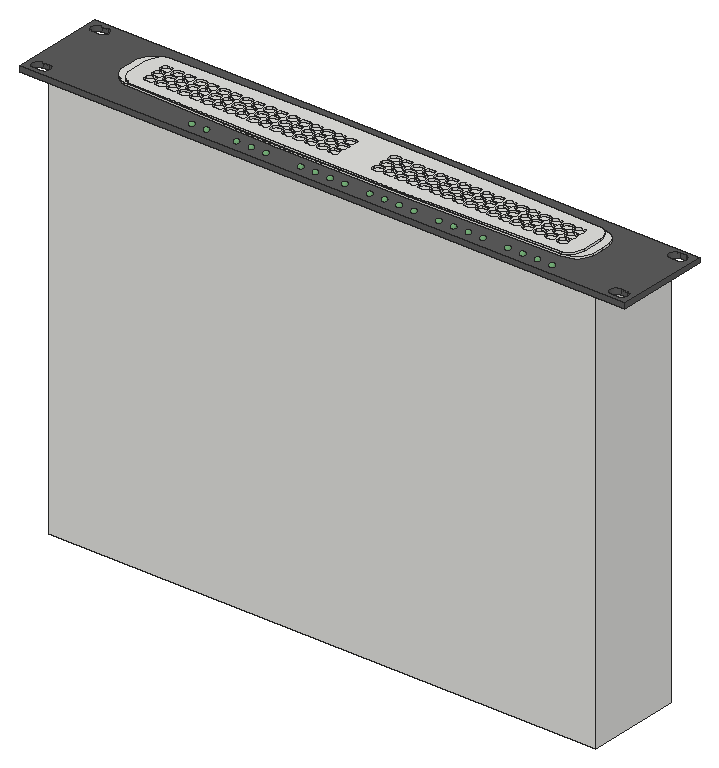
Revit family "Electronics_Amplifiers_Biamp_Vocia_VA-4030e___", category Communication Devices, host Face, Revit 2020 (continued)
Definition of nested family "VA-2060"
  Forms (in)
    Extrusion 4, solid, material <- "Housing Material", detail levels medium+fine
      sketch origin (0, 0, 0) x (1, 0, 0) y (0, 0, 1)
        loop
          line (3.92922, 1.67994) -> (4.00792, 1.67994)
          arc (4.00792, 1.67994) -> (4.10669, 1.72086) -> (4.1476, 1.81963) r 0.13968
          line (4.1476, 1.81963) -> (4.1476, 1.86061)
          arc (4.1476, 1.86061) -> (4.10851, 1.955) -> (4.01412, 1.99409) r 0.13348
          line (4.01412, 1.99409) -> (3.92301, 1.99409)
          arc (3.92301, 1.99409) -> (3.82863, 1.955) -> (3.78953, 1.86061) r 0.13348
        loop
          line (4.18953, 1.86061) -> (4.18953, 1.81963)
          arc (4.18953, 1.81963) -> (4.23044, 1.72086) -> (4.32922, 1.67994) r 0.13968
          line (4.32922, 1.67994) -> (4.40792, 1.67994)
          arc (4.40792, 1.67994) -> (4.50669, 1.72086) -> (4.5476, 1.81963) r 0.13968
          line (4.5476, 1.81963) -> (4.5476, 1.86061)
          arc (4.5476, 1.86061) -> (4.50851, 1.955) -> (4.41412, 1.99409) r 0.13348
          line (4.41412, 1.99409) -> (4.32301, 1.99409)
          arc (4.32301, 1.99409) -> (4.22863, 1.955) -> (4.18953, 1.86061) r 0.13348
        loop
          line (4.58953, 1.86061) -> (4.58953, 1.81963)
          arc (4.58953, 1.81963) -> (4.63044, 1.72086) -> (4.72922, 1.67994) r 0.13968
          line (4.72922, 1.67994) -> (4.80792, 1.67994)
          arc (4.80792, 1.67994) -> (4.90669, 1.72086) -> (4.9476, 1.81963) r 0.13968
          line (4.9476, 1.81963) -> (4.9476, 1.86061)
          arc (4.9476, 1.86061) -> (4.90851, 1.955) -> (4.81412, 1.99409) r 0.13348
          line (4.81412, 1.99409) -> (4.72301, 1.99409)
          arc (4.72301, 1.99409) -> (4.62863, 1.955) -> (4.58953, 1.86061) r 0.13348
        loop
          line (4.98953, 1.86061) -> (4.98953, 1.81963)
          arc (4.98953, 1.81963) -> (5.03044, 1.72086) -> (5.12922, 1.67994) r 0.13968
          line (5.12922, 1.67994) -> (5.20792, 1.67994)
          arc (5.20792, 1.67994) -> (5.30669, 1.72086) -> (5.3476, 1.81963) r 0.13968
          line (5.3476, 1.81963) -> (5.3476, 1.86061)
          arc (5.3476, 1.86061) -> (5.30851, 1.955) -> (5.21412, 1.99409) r 0.13348
          line (5.21412, 1.99409) -> (5.12301, 1.99409)
          arc (5.12301, 1.99409) -> (5.02863, 1.955) -> (4.98953, 1.86061) r 0.13348
        loop
          line (5.38953, 1.86061) -> (5.38953, 1.81963)
          arc (5.38953, 1.81963) -> (5.43044, 1.72086) -> (5.52922, 1.67994) r 0.13968
          line (5.52922, 1.67994) -> (5.60792, 1.67994)
          arc (5.60792, 1.67994) -> (5.70669, 1.72086) -> (5.7476, 1.81963) r 0.13968
          line (5.7476, 1.81963) -> (5.7476, 1.86061)
          arc (5.7476, 1.86061) -> (5.70851, 1.955) -> (5.61412, 1.99409) r 0.13348
          line (5.61412, 1.99409) -> (5.52301, 1.99409)
          arc (5.52301, 1.99409) -> (5.42863, 1.955) -> (5.38953, 1.86061) r 0.13348
        loop
          line (5.78953, 1.86061) -> (5.78953, 1.81963)
          arc (5.78953, 1.81963) -> (5.83044, 1.72086) -> (5.92922, 1.67994) r 0.13968
          line (5.92922, 1.67994) -> (6.00792, 1.67994)
          arc (6.00792, 1.67994) -> (6.10669, 1.72086) -> (6.1476, 1.81963) r 0.13968
          line (6.1476, 1.81963) -> (6.1476, 1.86061)
          arc (6.1476, 1.86061) -> (6.10851, 1.955) -> (6.01412, 1.99409) r 0.13348
          line (6.01412, 1.99409) -> (5.92301, 1.99409)
          arc (5.92301, 1.99409) -> (5.82863, 1.955) -> (5.78953, 1.86061) r 0.13348
        loop
          line (6.18953, 1.86061) -> (6.18953, 1.81963)
          arc (6.18953, 1.81963) -> (6.23044, 1.72086) -> (6.32922, 1.67994) r 0.13968
          line (6.32922, 1.67994) -> (6.40792, 1.67994)
          arc (6.40792, 1.67994) -> (6.50669, 1.72086) -> (6.5476, 1.81963) r 0.13968
          line (6.5476, 1.81963) -> (6.5476, 1.86061)
          arc (6.5476, 1.86061) -> (6.50851, 1.955) -> (6.41412, 1.99409) r 0.13348
          line (6.41412, 1.99409) -> (6.32301, 1.99409)
          arc (6.32301, 1.99409) -> (6.22863, 1.955) -> (6.18953, 1.86061) r 0.13348
        loop
          line (6.58953, 1.86061) -> (6.58953, 1.81963)
          arc (6.58953, 1.81963) -> (6.63044, 1.72086) -> (6.72922, 1.67994) r 0.13968
          line (6.72922, 1.67994) -> (6.80792, 1.67994)
          arc (6.80792, 1.67994) -> (6.90669, 1.72086) -> (6.9476, 1.81963) r 0.13968
          line (6.9476, 1.81963) -> (6.9476, 1.86061)
          arc (6.9476, 1.86061) -> (6.90851, 1.955) -> (6.81412, 1.99409) r 0.13348
          line (6.81412, 1.99409) -> (6.72301, 1.99409)
          arc (6.72301, 1.99409) -> (6.62863, 1.955) -> (6.58953, 1.86061) r 0.13348
        loop
          line (6.98953, 1.86061) -> (6.98953, 1.81963)
          arc (6.98953, 1.81963) -> (7.03044, 1.72086) -> (7.12922, 1.67994) r 0.13968
          line (7.12922, 1.67994) -> (7.20792, 1.67994)
          arc (7.20792, 1.67994) -> (7.30669, 1.72086) -> (7.3476, 1.81963) r 0.13968
          line (7.3476, 1.81963) -> (7.3476, 1.86061)
          arc (7.3476, 1.86061) -> (7.30851, 1.955) -> (7.21412, 1.99409) r 0.13348
          line (7.21412, 1.99409) -> (7.12301, 1.99409)
          arc (7.12301, 1.99409) -> (7.02863, 1.955) -> (6.98953, 1.86061) r 0.13348
        loop
          line (0.58953, 1.51061) -> (0.58953, 1.46963)
          arc (0.58953, 1.46963) -> (0.63044, 1.37086) -> (0.72922, 1.32994) r 0.13968
          line (0.72922, 1.32994) -> (0.80792, 1.32994)
          arc (0.80792, 1.32994) -> (0.90669, 1.37086) -> (0.9476, 1.46963) r 0.13968
          line (0.9476, 1.46963) -> (0.9476, 1.51061)
          arc (0.9476, 1.51061) -> (0.90851, 1.605) -> (0.81412, 1.64409) r 0.13348
          line (0.81412, 1.64409) -> (0.72301, 1.64409)
          arc (0.72301, 1.64409) -> (0.62863, 1.605) -> (0.58953, 1.51061) r 0.13348
        loop
          line (0.98953, 1.51061) -> (0.98953, 1.46963)
          arc (0.98953, 1.46963) -> (1.03044, 1.37086) -> (1.12922, 1.32994) r 0.13968
          line (1.12922, 1.32994) -> (1.20792, 1.32994)
          arc (1.20792, 1.32994) -> (1.30669, 1.37086) -> (1.3476, 1.46963) r 0.13968
          line (1.3476, 1.46963) -> (1.3476, 1.51061)
          arc (1.3476, 1.51061) -> (1.30851, 1.605) -> (1.21412, 1.64409) r 0.13348
          line (1.21412, 1.64409) -> (1.12301, 1.64409)
          arc (1.12301, 1.64409) -> (1.02863, 1.605) -> (0.98953, 1.51061) r 0.13348
        loop
          line (1.38953, 1.51061) -> (1.38953, 1.46963)
          arc (1.38953, 1.46963) -> (1.43044, 1.37086) -> (1.52922, 1.32994) r 0.13968
          line (1.52922, 1.32994) -> (1.60792, 1.32994)
          arc (1.60792, 1.32994) -> (1.70669, 1.37086) -> (1.7476, 1.46963) r 0.13968
          line (1.7476, 1.46963) -> (1.7476, 1.51061)
          arc (1.7476, 1.51061) -> (1.70851, 1.605) -> (1.61412, 1.64409) r 0.13348
          line (1.61412, 1.64409) -> (1.52301, 1.64409)
          arc (1.52301, 1.64409) -> (1.42863, 1.605) -> (1.38953, 1.51061) r 0.13348
        loop
          line (1.78953, 1.51061) -> (1.78953, 1.46963)
          arc (1.78953, 1.46963) -> (1.83044, 1.37086) -> (1.92922, 1.32994) r 0.13968
          line (1.92922, 1.32994) -> (2.00792, 1.32994)
          arc (2.00792, 1.32994) -> (2.10669, 1.37086) -> (2.1476, 1.46963) r 0.13968
          line (2.1476, 1.46963) -> (2.1476, 1.51061)
          arc (2.1476, 1.51061) -> (2.10851, 1.605) -> (2.01412, 1.64409) r 0.13348
          line (2.01412, 1.64409) -> (1.92301, 1.64409)
          arc (1.92301, 1.64409) -> (1.82863, 1.605) -> (1.78953, 1.51061) r 0.13348
        loop
          line (2.18953, 1.51061) -> (2.18953, 1.46963)
          arc (2.18953, 1.46963) -> (2.23044, 1.37086) -> (2.32922, 1.32994) r 0.13968
          line (2.32922, 1.32994) -> (2.40792, 1.32994)
          arc (2.40792, 1.32994) -> (2.50669, 1.37086) -> (2.5476, 1.46963) r 0.13968
          line (2.5476, 1.46963) -> (2.5476, 1.51061)
          arc (2.5476, 1.51061) -> (2.50851, 1.605) -> (2.41412, 1.64409) r 0.13348
          line (2.41412, 1.64409) -> (2.32301, 1.64409)
          arc (2.32301, 1.64409) -> (2.22863, 1.605) -> (2.18953, 1.51061) r 0.13348
        loop
          line (2.58953, 1.51061) -> (2.58953, 1.46963)
          arc (2.58953, 1.46963) -> (2.63044, 1.37086) -> (2.72922, 1.32994) r 0.13968
          line (2.72922, 1.32994) -> (2.80792, 1.32994)
          arc (2.80792, 1.32994) -> (2.90669, 1.37086) -> (2.9476, 1.46963) r 0.13968
          line (2.9476, 1.46963) -> (2.9476, 1.51061)
          arc (2.9476, 1.51061) -> (2.90851, 1.605) -> (2.81412, 1.64409) r 0.13348
          line (2.81412, 1.64409) -> (2.72301, 1.64409)
          arc (2.72301, 1.64409) -> (2.62863, 1.605) -> (2.58953, 1.51061) r 0.13348
        loop
          line (2.98953, 1.51061) -> (2.98953, 1.46963)
          arc (2.98953, 1.46963) -> (3.03044, 1.37086) -> (3.12922, 1.32994) r 0.13968
          line (3.12922, 1.32994) -> (3.20792, 1.32994)
          arc (3.20792, 1.32994) -> (3.30669, 1.37086) -> (3.3476, 1.46963) r 0.13968
          line (3.3476, 1.46963) -> (3.3476, 1.51061)
          arc (3.3476, 1.51061) -> (3.30851, 1.605) -> (3.21412, 1.64409) r 0.13348
          line (3.21412, 1.64409) -> (3.12301, 1.64409)
          arc (3.12301, 1.64409) -> (3.02863, 1.605) -> (2.98953, 1.51061) r 0.13348
        loop
          line (3.38953, 1.51061) -> (3.38953, 1.46963)
          arc (3.38953, 1.46963) -> (3.43044, 1.37086) -> (3.52922, 1.32994) r 0.13968
          line (3.52922, 1.32994) -> (3.60792, 1.32994)
          arc (3.60792, 1.32994) -> (3.70669, 1.37086) -> (3.7476, 1.46963) r 0.13968
          line (3.7476, 1.46963) -> (3.7476, 1.51061)
          arc (3.7476, 1.51061) -> (3.70851, 1.605) -> (3.61412, 1.64409) r 0.13348
          line (3.61412, 1.64409) -> (3.52301, 1.64409)
          arc (3.52301, 1.64409) -> (3.42863, 1.605) -> (3.38953, 1.51061) r 0.13348
        loop
          line (3.78953, 1.51061) -> (3.78953, 1.46963)
          arc (3.78953, 1.46963) -> (3.83044, 1.37086) -> (3.92922, 1.32994) r 0.13968
          line (3.92922, 1.32994) -> (4.00792, 1.32994)
          arc (4.00792, 1.32994) -> (4.10669, 1.37086) -> (4.1476, 1.46963) r 0.13968
          line (4.1476, 1.46963) -> (4.1476, 1.51061)
          arc (4.1476, 1.51061) -> (4.10851, 1.605) -> (4.01412, 1.64409) r 0.13348
          line (4.01412, 1.64409) -> (3.92301, 1.64409)
          arc (3.92301, 1.64409) -> (3.82863, 1.605) -> (3.78953, 1.51061) r 0.13348
        loop
          line (4.18953, 1.51061) -> (4.18953, 1.46963)
          arc (4.18953, 1.46963) -> (4.23044, 1.37086) -> (4.32922, 1.32994) r 0.13968
          line (4.32922, 1.32994) -> (4.40792, 1.32994)
          arc (4.40792, 1.32994) -> (4.50669, 1.37086) -> (4.5476, 1.46963) r 0.13968
          line (4.5476, 1.46963) -> (4.5476, 1.51061)
          arc (4.5476, 1.51061) -> (4.50851, 1.605) -> (4.41412, 1.64409) r 0.13348
          line (4.41412, 1.64409) -> (4.32301, 1.64409)
          arc (4.32301, 1.64409) -> (4.22863, 1.605) -> (4.18953, 1.51061) r 0.13348
        loop
          line (4.58953, 1.51061) -> (4.58953, 1.46963)
          arc (4.58953, 1.46963) -> (4.63044, 1.37086) -> (4.72922, 1.32994) r 0.13968
          line (4.72922, 1.32994) -> (4.80792, 1.32994)
          arc (4.80792, 1.32994) -> (4.90669, 1.37086) -> (4.9476, 1.46963) r 0.13968
          line (4.9476, 1.46963) -> (4.9476, 1.51061)
          arc (4.9476, 1.51061) -> (4.90851, 1.605) -> (4.81412, 1.64409) r 0.13348
          line (4.81412, 1.64409) -> (4.72301, 1.64409)
          arc (4.72301, 1.64409) -> (4.62863, 1.605) -> (4.58953, 1.51061) r 0.13348
        loop
          line (4.98953, 1.51061) -> (4.98953, 1.46963)
          arc (4.98953, 1.46963) -> (5.03044, 1.37086) -> (5.12922, 1.32994) r 0.13968
          line (5.12922, 1.32994) -> (5.20792, 1.32994)
          arc (5.20792, 1.32994) -> (5.30669, 1.37086) -> (5.3476, 1.46963) r 0.13968
          line (5.3476, 1.46963) -> (5.3476, 1.51061)
          arc (5.3476, 1.51061) -> (5.30851, 1.605) -> (5.21412, 1.64409) r 0.13348
          line (5.21412, 1.64409) -> (5.12301, 1.64409)
          arc (5.12301, 1.64409) -> (5.02863, 1.605) -> (4.98953, 1.51061) r 0.13348
        loop
          line (5.38953, 1.51061) -> (5.38953, 1.46963)
          arc (5.38953, 1.46963) -> (5.43044, 1.37086) -> (5.52922, 1.32994) r 0.13968
          line (5.52922, 1.32994) -> (5.60792, 1.32994)
          arc (5.60792, 1.32994) -> (5.70669, 1.37086) -> (5.7476, 1.46963) r 0.13968
          line (5.7476, 1.46963) -> (5.7476, 1.51061)
          arc (5.7476, 1.51061) -> (5.70851, 1.605) -> (5.61412, 1.64409) r 0.13348
          line (5.61412, 1.64409) -> (5.52301, 1.64409)
          arc (5.52301, 1.64409) -> (5.42863, 1.605) -> (5.38953, 1.51061) r 0.13348
        loop
          line (5.78953, 1.51061) -> (5.78953, 1.46963)
          arc (5.78953, 1.46963) -> (5.83044, 1.37086) -> (5.92922, 1.32994) r 0.13968
          line (5.92922, 1.32994) -> (6.00792, 1.32994)
          arc (6.00792, 1.32994) -> (6.10669, 1.37086) -> (6.1476, 1.46963) r 0.13968
          line (6.1476, 1.46963) -> (6.1476, 1.51061)
          arc (6.1476, 1.51061) -> (6.10851, 1.605) -> (6.01412, 1.64409) r 0.13348
          line (6.01412, 1.64409) -> (5.92301, 1.64409)
          arc (5.92301, 1.64409) -> (5.82863, 1.605) -> (5.78953, 1.51061) r 0.13348
        loop
          line (6.18953, 1.51061) -> (6.18953, 1.46963)
          arc (6.18953, 1.46963) -> (6.23044, 1.37086) -> (6.32922, 1.32994) r 0.13968
          line (6.32922, 1.32994) -> (6.40792, 1.32994)
          arc (6.40792, 1.32994) -> (6.50669, 1.37086) -> (6.5476, 1.46963) r 0.13968
          line (6.5476, 1.46963) -> (6.5476, 1.51061)
          arc (6.5476, 1.51061) -> (6.50851, 1.605) -> (6.41412, 1.64409) r 0.13348
          line (6.41412, 1.64409) -> (6.32301, 1.64409)
          arc (6.32301, 1.64409) -> (6.22863, 1.605) -> (6.18953, 1.51061) r 0.13348
        loop
          line (6.58953, 1.51061) -> (6.58953, 1.46963)
          arc (6.58953, 1.46963) -> (6.63044, 1.37086) -> (6.72922, 1.32994) r 0.13968
          line (6.72922, 1.32994) -> (6.80792, 1.32994)
          arc (6.80792, 1.32994) -> (6.90669, 1.37086) -> (6.9476, 1.46963) r 0.13968
          line (6.9476, 1.46963) -> (6.9476, 1.51061)
          arc (6.9476, 1.51061) -> (6.90851, 1.605) -> (6.81412, 1.64409) r 0.13348
          line (6.81412, 1.64409) -> (6.72301, 1.64409)
          arc (6.72301, 1.64409) -> (6.62863, 1.605) -> (6.58953, 1.51061) r 0.13348
        loop
          line (6.98953, 1.51061) -> (6.98953, 1.46963)
          arc (6.98953, 1.46963) -> (7.03044, 1.37086) -> (7.12922, 1.32994) r 0.13968
          line (7.12922, 1.32994) -> (7.20792, 1.32994)
          arc (7.20792, 1.32994) -> (7.30669, 1.37086) -> (7.3476, 1.46963) r 0.13968
          line (7.3476, 1.46963) -> (7.3476, 1.51061)
          arc (7.3476, 1.51061) -> (7.30851, 1.605) -> (7.21412, 1.64409) r 0.13348
          line (7.21412, 1.64409) -> (7.12301, 1.64409)
          arc (7.12301, 1.64409) -> (7.02863, 1.605) -> (6.98953, 1.51061) r 0.13348
        loop
          line (-7.8941, 2.19985) -> (-7.8941, 1.50958)
          arc (-7.8941, 1.50958) -> (-7.78659, 1.189) -> (-7.50755, 0.99803) r 0.53175
          arc (-7.50755, 0.99803) -> (-4.76475, 0.90754) -> (-2.02057, 0.88211) r 115.74148
          line (-2.02057, 0.88211) -> (2.02057, 0.88211)
          arc (2.02057, 0.88211) -> (4.76475, 0.90754) -> (7.50755, 0.99803) r 115.74148
          arc (7.50755, 0.99803) -> (7.78659, 1.189) -> (7.8941, 1.50958) r 0.53175
          line (7.8941, 1.50958) -> (7.8941, 2.19985)
          arc (7.8941, 2.19985) -> (7.79312, 2.52382) -> (7.52594, 2.73305) r 0.57019
          arc (7.52594, 2.73305) -> (4.7778, 2.82372) -> (2.02829, 2.84908) r 115.74395
          line (2.02829, 2.84908) -> (-2.02829, 2.84908)
          arc (-2.02829, 2.84908) -> (-4.7778, 2.82372) -> (-7.52594, 2.73305) r 115.74395
          arc (-7.52594, 2.73305) -> (-7.79312, 2.52382) -> (-7.8941, 2.19985) r 0.57019
      from 7.16 to 7.21
    Extrusion 5, solid, material <- "Housing Material", detail levels medium+fine
      sketch origin (0, 0, 0) x (1, 0, 0) y (0, 0, 1)
        loop
          line (2.33416, 2.87125) -> (-2.33416, 2.87125)
          arc (-2.33416, 2.87125) -> (-4.9297, 2.84215) -> (-7.52393, 2.75486) r 115.76635
          arc (-7.52393, 2.75486) -> (-7.94905, 2.5935) -> (-8.19527, 2.21122) r 0.72733
          line (-8.19527, 2.21122) -> (-8.19527, 1.87684) -> (-8.19527, 1.51121)
          arc (-8.19527, 1.51121) -> (-7.94905, 1.12893) -> (-7.52393, 0.96757) r 0.72733
          arc (-7.52393, 0.96757) -> (-4.9297, 0.88028) -> (-2.33416, 0.85118) r 115.76635
          line (-2.33416, 0.85118) -> (2.33416, 0.85118)
          arc (2.33416, 0.85118) -> (4.9297, 0.88028) -> (7.52393, 0.96757) r 115.76635
          arc (7.52393, 0.96757) -> (7.94905, 1.12893) -> (8.19527, 1.51121) r 0.72733
          line (8.19527, 1.51121) -> (8.19527, 1.87684) -> (8.19527, 2.21122)
          arc (8.19527, 2.21122) -> (7.94905, 2.5935) -> (7.52393, 2.75486) r 0.72733
          arc (7.52393, 2.75486) -> (4.9297, 2.84215) -> (2.33416, 2.87125) r 115.76635
      from 7.09961 to 7.16
    Extrusion 6, void, detail levels medium+fine
      sketch origin (0, 0, 0) x (1, 0, 0) y (0, 0, 1)
        loop
          line (10.13458, 3.10877) -> (9.92643, 3.10877)
          arc (9.92643, 3.10877) -> (9.72431, 2.90665) -> (9.92643, 2.70453) r 0.20212
          line (9.92643, 2.70453) -> (10.13458, 2.70453)
          arc (10.13458, 2.70453) -> (10.33669, 2.90665) -> (10.13458, 3.10877) r 0.20212
        loop
          line (10.13458, 0.54627) -> (9.92643, 0.54627)
          arc (9.92643, 0.54627) -> (9.72431, 0.34415) -> (9.92643, 0.14203) r 0.20212
          line (9.92643, 0.14203) -> (10.13458, 0.14203)
          arc (10.13458, 0.14203) -> (10.33669, 0.34415) -> (10.13458, 0.54627) r 0.20212
        loop
          line (-9.92734, 3.10877) -> (-10.13549, 3.10877)
          arc (-10.13549, 3.10877) -> (-10.3376, 2.90665) -> (-10.13549, 2.70453) r 0.20212
          line (-10.13549, 2.70453) -> (-9.92734, 2.70453)
          arc (-9.92734, 2.70453) -> (-9.72522, 2.90665) -> (-9.92734, 3.10877) r 0.20212
        loop
          line (-9.92734, 0.54671) -> (-10.13549, 0.54671)
          arc (-10.13549, 0.54671) -> (-10.3376, 0.34459) -> (-10.13549, 0.14248) r 0.20212
          line (-10.13549, 0.14248) -> (-9.92734, 0.14248)
          arc (-9.92734, 0.14248) -> (-9.72522, 0.34459) -> (-9.92734, 0.54671) r 0.20212
      from 6.93304 to 7.43236
    Extrusion 7, void
      sketch origin (0, 0, 0) x (1, 0, 0) y (0, 0, 1)
        loop
          line (7.51388, 0.39127) -> (7.51388, 0.86184) -> (7.04513, 0.86184) -> (7.04513, 0.39127) -> (7.51388, 0.39127)
        loop
          line (-0.75118, 0.96944) -> (-0.00118, 0.96944) -> (-0.00118, 1.46944) -> (-0.75118, 1.46944) -> (-0.75118, 0.96944)
        loop
          line (-1.53243, 0.96944) -> (-0.78243, 0.96944) -> (-0.78243, 1.46944) -> (-1.53243, 1.46944) -> (-1.53243, 0.96944)
        loop
          line (7.03394, 0.39127) -> (7.03394, 0.86184) -> (6.56519, 0.86184) -> (6.56519, 0.39127) -> (7.03394, 0.39127)
        loop
          line (8.15225, 2.33392) -> (6.93896, 2.33392) -> (6.93896, 1.51274) -> (8.15225, 1.51274) -> (8.15225, 2.33392)
        loop
          line (4.1834, 0.89094) -> (3.4334, 0.89094) -> (3.4334, 0.39094) -> (4.1834, 0.39094) -> (4.1834, 0.89094)
        loop
          line (3.40215, 0.89094) -> (2.65215, 0.89094) -> (2.65215, 0.39094) -> (3.40215, 0.39094) -> (3.40215, 0.89094)
        loop
          line (0.00109, 0.68312) -> (-0.46784, 0.68312) -> (-0.46784, 0.39094) -> (0.00109, 0.39094) -> (0.00109, 0.68312)
        loop
          line (-2.21801, 0.86152) -> (-3.01045, 0.86152) -> (-3.01045, 0.39094) -> (-2.21801, 0.39094) -> (-2.21801, 0.86152)
        loop
          line (-6.95915, 0.95624) -> (-7.84963, 0.95624) -> (-7.84963, 0.68312) -> (-6.95915, 0.68312) -> (-6.95915, 0.95624)
        loop
          line (-8.25691, 0.95624) -> (-9.14739, 0.95624) -> (-9.14739, 0.68312) -> (-8.25691, 0.68312) -> (-8.25691, 0.95624)
        loop
          line (-1.44326, 0.68312) -> (-1.91218, 0.68312) -> (-1.91218, 0.39094) -> (-1.44326, 0.39094) -> (-1.44326, 0.68312)
        loop
          line (-0.9606, 0.68312) -> (-1.42952, 0.68312) -> (-1.42952, 0.39094) -> (-0.9606, 0.39094) -> (-0.9606, 0.68312)
        loop
          line (-0.48044, 0.68312) -> (-0.94937, 0.68312) -> (-0.94937, 0.39094) -> (-0.48044, 0.39094) -> (-0.48044, 0.68312)
        loop
          line (-3.45915, 0.95624) -> (-4.34963, 0.95624) -> (-4.34963, 0.68312) -> (-3.45915, 0.68312) -> (-3.45915, 0.95624)
        loop
          line (-4.75691, 0.95624) -> (-5.64739, 0.95624) -> (-5.64739, 0.68312) -> (-4.75691, 0.68312) -> (-4.75691, 0.95624)
        loop
          line (2.13861, 1.46912) -> (1.38861, 1.46912) -> (1.38861, 0.96912) -> (2.13861, 0.96912) -> (2.13861, 1.46912)
        loop
          line (1.35736, 1.46912) -> (0.60736, 1.46912) -> (0.60736, 0.96912) -> (1.35736, 0.96912) -> (1.35736, 1.46912)
      from -7.12328 to -6.82855
    Revolve 8, solid, material <- "Material 2", detail levels fine
      sketch origin (-1.40961, -2.63111, 0.39328) x (-1, 0, 0) y (0, -1, 0)
        loop
          arc (0.94198, 4.4685) -> (0.86324, 4.54724) -> (0.7845, 4.4685) r 0.07874
          line (0.7845, 4.4685) -> (0.94198, 4.4685)
        loop
          arc (1.45383, 4.4685) -> (1.37509, 4.54724) -> (1.29635, 4.4685) r 0.07874
          line (1.29635, 4.4685) -> (1.45383, 4.4685)
        loop
          arc (1.96554, 4.4685) -> (1.8868, 4.54724) -> (1.80806, 4.4685) r 0.07874
          line (1.80806, 4.4685) -> (1.96554, 4.4685)
        loop
          arc (3.52117, 4.4685) -> (3.44243, 4.54724) -> (3.36369, 4.4685) r 0.07874
          line (3.36369, 4.4685) -> (3.52117, 4.4685)
        loop
          arc (-0.25862, 4.4685) -> (-0.33736, 4.54724) -> (-0.4161, 4.4685) r 0.07874
          line (-0.4161, 4.4685) -> (-0.25862, 4.4685)
        loop
          arc (-0.77051, 4.4685) -> (-0.84925, 4.54724) -> (-0.92799, 4.4685) r 0.07874
          line (-0.92799, 4.4685) -> (-0.77051, 4.4685)
        loop
          arc (-1.2824, 4.4685) -> (-1.36114, 4.54724) -> (-1.43988, 4.4685) r 0.07874
          line (-1.43988, 4.4685) -> (-1.2824, 4.4685)
        loop
          arc (-2.65883, 4.4685) -> (-2.73757, 4.54724) -> (-2.81631, 4.4685) r 0.07874
          line (-2.81631, 4.4685) -> (-2.65883, 4.4685)
        loop
          arc (-3.17072, 4.4685) -> (-3.24946, 4.54724) -> (-3.3282, 4.4685) r 0.07874
          line (-3.3282, 4.4685) -> (-3.17072, 4.4685)
        loop
          arc (-3.68261, 4.4685) -> (-3.76135, 4.54724) -> (-3.84009, 4.4685) r 0.07874
          line (-3.84009, 4.4685) -> (-3.68261, 4.4685)
        loop
          arc (-1.79429, 4.4685) -> (-1.87303, 4.54724) -> (-1.95177, 4.4685) r 0.07874
          line (-1.95177, 4.4685) -> (-1.79429, 4.4685)
        loop
          arc (-4.1945, 4.4685) -> (-4.27324, 4.54724) -> (-4.35198, 4.4685) r 0.07874
          line (-4.35198, 4.4685) -> (-4.1945, 4.4685)
        loop
          arc (3.00946, 4.4685) -> (2.93072, 4.54724) -> (2.85198, 4.4685) r 0.07874
          line (2.85198, 4.4685) -> (3.00946, 4.4685)
        loop
          arc (-5.05904, 4.4685) -> (-5.13778, 4.54724) -> (-5.21652, 4.4685) r 0.07874
          line (-5.21652, 4.4685) -> (-5.05904, 4.4685)
        loop
          arc (-5.57093, 4.4685) -> (-5.64967, 4.54724) -> (-5.72841, 4.4685) r 0.07874
          line (-5.72841, 4.4685) -> (-5.57093, 4.4685)
        loop
          arc (-6.08282, 4.4685) -> (-6.16156, 4.54724) -> (-6.2403, 4.4685) r 0.07874
          line (-6.2403, 4.4685) -> (-6.08282, 4.4685)
        loop
          arc (-6.59471, 4.4685) -> (-6.67345, 4.54724) -> (-6.75219, 4.4685) r 0.07874
          line (-6.75219, 4.4685) -> (-6.59471, 4.4685)
        loop
          arc (-7.45926, 4.4685) -> (-7.538, 4.54724) -> (-7.61674, 4.4685) r 0.07874
          line (-7.61674, 4.4685) -> (-7.45926, 4.4685)
        loop
          arc (-7.97115, 4.4685) -> (-8.04989, 4.54724) -> (-8.12863, 4.4685) r 0.07874
          line (-8.12863, 4.4685) -> (-7.97115, 4.4685)
        loop
          arc (-8.48303, 4.4685) -> (-8.56178, 4.54724) -> (-8.64052, 4.4685) r 0.07874
          line (-8.64052, 4.4685) -> (-8.48303, 4.4685)
        loop
          arc (-8.99492, 4.4685) -> (-9.07366, 4.54724) -> (-9.1524, 4.4685) r 0.07874
          line (-9.1524, 4.4685) -> (-8.99492, 4.4685)
        axis (3.52117, 4.4685) -> (-9.1524, 4.4685)
      angle from 450 to 270
  Cuts and joins
    Extrusion 6 cuts Extrusion 3
    Extrusion 7 cuts Extrusion 2
  Lines and regions (in)
    Masking region 1
      outline origin (0, 0, 0) x (1, 0, 0) y (0, 1, 0)
        loop
          line (-10.5, -7.09961) -> (10.5, -7.09961) -> (10.5, -6.93265) -> (9.5, -6.93265) -> (9.5, 7.09961) -> (-9.5, 7.09961) -> (-9.5, -6.93265) -> (-10.5, -6.93265) -> (-10.5, -7.09961)
    Masking region 2, detail levels medium+fine
      outline origin (0, 0, 0) x (1, 0, 0) y (0, 1, 0)
        loop
          line (-8.19527, -7.09961) -> (-8.19527, -7.16) -> (-7.8941, -7.16) -> (-7.8941, -7.21) -> (7.8941, -7.21) -> (7.8941, -7.16) -> (8.19527, -7.16) -> (8.19527, -7.09961) -> (-8.19527, -7.09961)
    symbolic lines
      curve 1: line (-10.5, -6.93265, 0) -> (10.5, -6.93265, 0)
    symbolic lines, detail levels medium+fine
      curve 2: line (-7.8941, -7.16, 0) -> (7.8941, -7.16, 0)
  Dimensions and locks (in)
    aligned and locked: plane 2 to Extrusion 1
    aligned and locked: level to Extrusion 1
